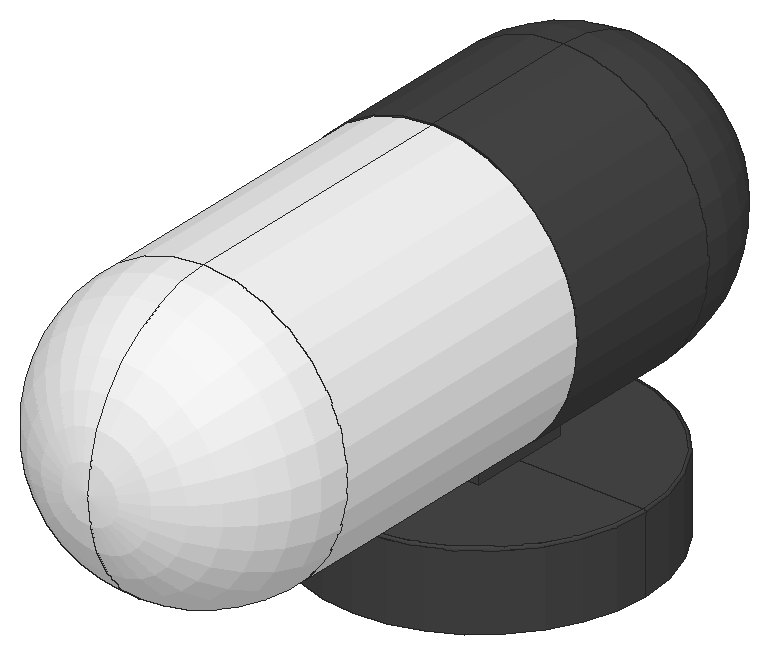
Revit family "AFX-Irvine_Led-Outdoor_Sconce", category Lighting Fixtures, host Face, Revit 2021
Family settings
  Host = Face
  Round Connector Dimension = Use Diameter
  Part Type = Normal
  Cut with Voids When Loaded = No
  Light Source = Yes
  Shared = No
  Room Calculation Point = No
Parameters (values of type "IRVW0512LAJUDBK")
  Width = 5 3/8"
  Wattage Comments = "15"
  Wattage = 9.2903 W
  built-in parameter 1150110 = 1 (stored number, unit not read)
  Voltage = 120 V
  URL = "https://www.afxinc.com/"
  Type Comments = "Irvine"  # constant formula
  built-in parameter 1114217 = 1 (stored number, unit not read)
  Tilt Angle = 90.00°
  built-in parameter 1150109 = 1 (stored number, unit not read)
  built-in parameter 1150134 = 3
  Sustainability = "https://lamprecycle.org/en/"
  built-in parameter 1150113 = 1 (stored number, unit not read)
  Revit File Built By = "https://servex-us.com/servex-revit/"
  Product Documentation Link = "https://www.afxinc.com/products/productDetail.cfm?productID=2780"
  Power Factor = 1
  Photometric Web File = "IRVW0408LAJUDBK(3000K).IES"
  Model = "IRVW0512LAJUDBK"
  Manufacturer = "AFX Inc"  # constant formula
  built-in parameter 1150105 = 109.82 (stored number, unit not read)
  Lumens = 1380 lm
  built-in parameter 1150115 = 1 (stored number, unit not read)
  built-in parameter 1150137 = (empty or 0)
  built-in parameter 1150139 = (empty or 0)
  built-in parameter 1150112 = 1 (stored number, unit not read)
  built-in parameter 1150114 = 1 (stored number, unit not read)
  Lamp = ""
  Keynote = "12500"  # constant formula
  built-in parameter 1150132 = (empty or 0)
  built-in parameter 1150102 = (empty or 0)
  built-in parameter 1150107 = 3200 (stored number, unit not read)
  built-in parameter 1150138 = (empty or 0)
  built-in parameter 1150106 = 1.0982 (stored number, unit not read)
  Housing Finish = AFX - Black Steel
  Height = 12"
  built-in parameter 1150104 = 13.8 (stored number, unit not read)
  Dimming Lamp Color Temperature Shift = <None>
  Diffuser Finish = AFX - White Acrylic
  Description = "Led Outdoor Sconce - 5 3/8\"W x 6 1/2\"D x 12\"H"
  Depth = 6 1/2"
  Default Elevation = 48"
  Cover Finish = AFX - Black Steel
  Colour Rendering Index = "80"
  Color Filter = 16777215
  Canopy Finish = AFX - Black Steel
  built-in parameter 1114218 = 1 (stored number, unit not read)
  built-in parameter 1150133 = 10 (stored number, unit not read)
  Assembly Code = "D5020200"
  Apparent Load = 0 VA
  8" = no
  12" = yes
Types (3): name | Width | Wattage Comments | Product Documentation Link | Model | Height | Description | Depth | 8" | 12"
  (no name) | 5 3/8" | "15" | "https://www.afxinc.com/products/productDetail.cfm?productID=2780" | "IRVW0512LAJUDBK" | 12" | "Led Outdoor Sconce - 5 3/8\"W x 6 1/2\"D x 12\"H" | 6 1/2" | no | yes
  IRVW0408LAJUDBK | 4 3/4" | "8" | "https://www.afxinc.com/products/productDetail.cfm?productID=2779" | "IRVW0408LAJUDBK" | 8" | "Led Outdoor Sconce - 4 3/4\"W x 5\"D x 8\"H" | 5" | yes | no
  IRVW0512LAJUDBK | 5 3/8" | "15" | "https://www.afxinc.com/products/productDetail.cfm?productID=2780" | "IRVW0512LAJUDBK" | 12" | "Led Outdoor Sconce - 5 3/8\"W x 6 1/2\"D x 12\"H" | 6 1/2" | no | yes
Reference planes (in)
  plane 1 "Center (Front/Back)": y = 0.13952
  plane 2: z = 0
  plane 3 "Center (Left/Right)": x = 0
  plane 4: x = -2.6875
  plane 5: x = 2.6875
  plane 6: y = 2.66407
  plane 7: y = -9.33593
  plane 8: z = 6.5
  plane 9: y = 0.96629
  plane 10: y = -0.68725
  plane 11: z = 1.68837
  plane 12: z = 3.46002
Forms (in)
  Extrusion 1, solid, material "AFX - Black Steel" <- "Housing Finish"
    sketch origin (0, 0.13952, 0) x (1, 0, 0) y (0, 0, 1)
      loop
        line (-0.59055, 1.77165) -> (-0.59055, 1.25984) -> (0.59055, 1.25984) -> (0.59055, 1.77165)
        arc (0.59055, 1.77165) -> (0, 1.68837) -> (-0.59055, 1.77165) r 2.13533
    from -0.82677 to 0.82677
  Revolve 2, solid, material "AFX - Black Steel" <- "Housing Finish"
    sketch origin (0, 0.13952, 0) x (1, 0, 0) y (0, 0, 1)
      loop
        arc (2.65766, 1.21983) -> (2.64595, 1.24812) -> (2.61765, 1.25984) r 0.04001
        line (2.61765, 1.25984) -> (0, 1.25984) -> (0, 0) -> (2.65766, 0) -> (2.65766, 1.21983)
      axis (0, 1.25984) -> (0, 0)
    angle from 0 to 360
Lines and regions (in)
  symbolic lines
    curve 1: line (2.65766, 0.13952, 0) -> (2.65766, 0.13952, 1.22042)
    curve 2: line (2.61787, 0.13952, 1.26022) -> (-2.61874, 0.13952, 1.26022)
    curve 3: line (-2.65766, 0.13952, 0) -> (-2.65766, 0.13952, 1.22129)
    curve 4: arc (-2.61874, 0.13952, 1.26022) -> (-2.64626, 0.13952, 1.24882) -> (-2.65766, 0.13952, 1.22129) r 0.03893
    curve 5: arc (2.65766, 0.13952, 1.22042) -> (2.64601, 0.13952, 1.24856) -> (2.61787, 0.13952, 1.26022) r 0.0398
    curve 6: line (2.65766, 0.13952, 0) -> (-2.65766, 0.13952, 0)
Dimensions and locks (in)
  "Width": plane 4 to plane 5
  equal spacing: plane 4, plane 3 "Center (Left/Right)", plane 5
  "Height": plane 7 to plane 6
  plane 6 to plane 1 "Center (Front/Back)" to plane 7 = 2.52455" locked, 9.47545"
  "Depth": plane 2 to plane 8
  equal spacing: plane 9, plane 1 "Center (Front/Back)", plane 10, locked at 0.82677 each
  plane 2 to plane 11 to plane 12 = 1.68837" locked, 1.77165" locked
  locked: Revolve 2 sketch curve to plane 2 at 1.25984
  Revolve 2 sketch curve to Revolve 2 sketch curve to plane 5 = 0.04001" locked, 0.02984" locked
  Extrusion 1 sketch curve to Extrusion 1 sketch curve to plane 2 = 2.56385" locked, 1.25984" locked
  Extrusion 1 sketch curve to Extrusion 1 sketch curve to plane 3 "Center (Left/Right)" to Extrusion 1 sketch curve = 0.59055" locked, 0" locked, 0.59055" locked
  aligned and locked: host face to plane 2
  aligned and locked: level to host face
  aligned and locked: Extrusion 1 to plane 9
  aligned and locked: Extrusion 1 to plane 10
  aligned and locked: plane 3 "Center (Left/Right)" to nested 1
  aligned and locked: plane 11 to nested 1
  aligned and locked: Revolve 2 sketch curve to plane 3 "Center (Left/Right)"  (x2)
  aligned and locked: nested 1 to imposter light
  aligned and locked: Revolve 2 sketch curve to plane 2
  aligned and locked: plane 1 "Center (Front/Back)" to Revolve 2
Automatic sketch dimensions
  host sketch curve to host sketch curve = 96"  (x2)
  Extrusion 1 sketch curve to Extrusion 1 sketch curve = 0.51181"
  curve 3 to level = 0"
  curve 3 to plane 4 = 0.02984"
  curve 3 to curve 2 = 0.03893"
  curve 5 to plane 5 = 0.06963"
  curve 6 to plane 5 = 0.02984"
  curve 5 to plane 11 = 0.46795"
  Revolve 2 sketch curve to level = 1.29485"
  plane 11 to Revolve 2 sketch curve = 0.88285"
Nested families (in)
  nested 1: "Lighting" at (0, 0.83989, 1.68837), 8" <- "8"", 12" <- "12"", Canopy Finish <- "Canopy Finish", Diffuser Finish <- "Diffuser Finish", type "Lighting"
    with Diffuser Finish AFX - White Acrylic, Canopy Finish AFX - Black Steel, 8" no, 12" yes
Connectors (in)
  electrical at (0, 0.13952, 0), driven by "Voltage", driven by "Apparent Load", driven by "Power Factor"
    settings: on Revolve 2, index 1, voltage 120 V, apparent load 0 VA, apparent load phase1 0 VA, apparent load phase2 0 VA, apparent load phase3 0 VA, power factor 1, load classification "Lighting", number of poles 1, system type 31, power factor state 1, is connector primary yes, connector utility no, sub classification motor no, connector description ""
Definition of nested family "Lighting"
  Parameters (values of type "Lighting")
    Revit Model Built By = "https://servex-us.com/servex-revit/"
    Diffuser Finish [instance] = none
    Default Elevation = 0"
    Canopy Finish [instance] = none
    8" [instance] = yes
    12" [instance] = yes
  Reference planes (in)
    plane 1 "Center (Front/Back)": y = 0
    plane 2: z = 0
    plane 3 "Center (Left/Right)": x = 0
  Forms (in)
    Revolve 1, solid, material <- "Canopy Finish", visible <- "12""
      sketch origin (0, 0, 0) x (0, 1, 0) y (0, 0, 1)
        loop
          line (-1.73228, 4.72441) -> (-1.73228, 2.3622) -> (3.3073, 2.3622)
          arc (3.3073, 2.3622) -> (2.61529, 4.03255) -> (0.94488, 4.72441) r 2.36242
          line (0.94488, 4.72441) -> (-1.73228, 4.72441)
        axis (-1.73228, 2.3622) -> (3.3073, 2.3622)
      angle from 0 to 360
    Revolve 2, solid, material <- "Diffuser Finish", visible <- "12""
      sketch origin (0, 0, 0) x (0, 1, 0) y (0, 0, 1)
        loop
          line (-1.73228, 4.71207) -> (-6.39009, 4.71207)
          arc (-6.39009, 4.71207) -> (-8.05177, 4.02382) -> (-8.74016, 2.3622) r 2.35007
          line (-8.74016, 2.3622) -> (-1.73228, 2.3622) -> (-1.73228, 4.71207)
        axis (-1.73228, 2.3622) -> (-8.74016, 2.3622)
      angle from 0 to 360
    Revolve 3, solid, material <- "Canopy Finish", visible <- "8""
      sketch origin (0, 0, 0) x (0, 1, 0) y (0, 0, 1)
        loop
          line (-1.49606, 3.54331) -> (-1.49606, 1.77165) -> (2.5194, 1.77165)
          arc (2.5194, 1.77165) -> (2.00063, 3.02439) -> (0.74796, 3.54331) r 1.77144
          line (0.74796, 3.54331) -> (-1.49606, 3.54331)
        axis (-1.49606, 1.77165) -> (2.5194, 1.77165)
      angle from 0 to 360
    Revolve 4, solid, material <- "Diffuser Finish", visible <- "8""
      sketch origin (0, 0, 0) x (0, 1, 0) y (0, 0, 1)
        loop
          line (-1.49606, 3.54331) -> (-3.72441, 3.54331)
          arc (-3.72441, 3.54331) -> (-4.97716, 3.0244) -> (-5.49606, 1.77165) r 1.77165
          line (-5.49606, 1.77165) -> (-1.49606, 1.77165) -> (-1.49606, 3.54331)
        axis (-1.49606, 1.77165) -> (-5.49606, 1.77165)
      angle from 0 to 360
  Lines and regions (in)
    symbolic lines, visible <- "12""
      curve 1: circle (0, 0, 2.3622) r 2.3622 normal (0, -1, 0)
    symbolic lines, visible <- "8""
      curve 2: circle (0, 0, 1.77165) r 1.77165 normal (0, -1, 0)
  Dimensions and locks (in)
    aligned and locked: plane 2 to level
